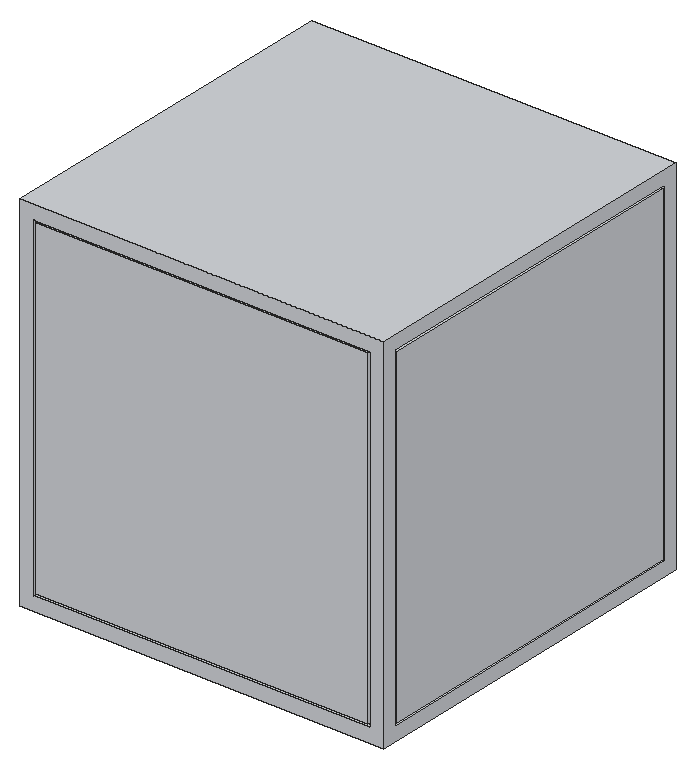
Revit family "BVN_BKKF", category Mechanical Equipment, Revit 2019
Family settings
  Round Connector Dimension = Use Diameter
  Part Type = Breaks Into
  OmniClass Number = 23.75.00.00
  OmniClass Title = Climate Control (HVAC)
  Work Plane-Based = No
  Always vertical = Yes
  Cut with Voids When Loaded = No
  Shared = No
  Room Calculation Point = No
Parameters (values of type "BKKF 560")
  Weight = 65.00 kg
  Voltage = 380 V
  URL = "http://www.bahcivanmotor.com.tr/index.php"
  Speed ( d/d ) = 1250
  Sound Pressure Level dB(A) = 55
  Protection Class = 44
  Power = 1400 W
  Model = "BKKF"
  Material = none
  Manufacturer = "Bahçıvan Elektrik Motor San. ve Tic. Ltd. Şti."
  Insulation Class = "F"
  Frequency = 50 Hz
  Dh' = Dh * 0.5  # 100 mm
  Dh = B / 4  # 200 mm
  Description = "Duct Fan"
  D'' = D * 0.5  # 191 mm
  D' = D * 0.75  # 286.5 mm
  D = 382 mm
  Capacitor (uF) = 0
  C = A - 60 mm  # 740 mm
  B = A  # 800 mm
  Air Flow = 9800.0 m³/h
  Current = 2.7 A
  A = 800 mm
Types (4, lengths in mm): name | Weight | Voltage | Speed ( d/d ) | Sound Pressure Level dB(A) | Power | Dh' | Dh | D'' | D' | D | Capacitor (uF) | C | B | Air Flow | Current | A
  BKKF 400 | 36.00 kg | 230 V | 1600 | 45 | 460 W | 83.75 | 167.5 | 191 | 286.5 | 382 | 10 | 610 | 670 | 4800.0 m³/h | 2 A | 670
  BKKF 450 | 40.00 kg | 230 V | 1550 | 48 | 745 W | 83.75 | 167.5 | 141.5 | 212.25 | 283 | 10 | 610 | 670 | 6000.0 m³/h | 3.5 A | 670
  BKKF 500 | 51.00 kg | 380 V | 1335 | 52 | 960 W | 83.75 | 167.5 | 172 | 258 | 344 | 0 | 610 | 670 | 7800.0 m³/h | 2 A | 670
  BKKF 560 | 65.00 kg | 380 V | 1250 | 55 | 1400 W | 100 | 200 | 191 | 286.5 | 382 | 0 | 740 | 800 | 9800.0 m³/h | 2.7 A | 800
Reference planes
  plane 1 "Center (Front/Back)": y = 0
  plane 2: z = 0
  plane 3 "Center (Left/Right)": x = 0
  plane 4: z = 400
  plane 5: z = 800
Forms (mm)
  Extrusion 1, solid
    sketch origin (0, 0, 0) x (1, 0, 0) y (0, 1, 0)
      loop
        line (-400, 400) -> (-400, -400) -> (400, -400) -> (400, 400) -> (-400, 400)
    from 0 to 800 <- "A"
  Extrusion 2, void
    sketch origin (-400, -400, 0) x (0, -1, 0) y (0, 0, -1)
      loop
        circle (-400, -400) r 191
    from 0 to 200 <- "Dh"
  Extrusion 3, void
    sketch origin (-400, -400, 0) x (0, -1, 0) y (0, 0, -1)
      loop
        line (-770, -770) -> (-30, -770) -> (-30, -30) -> (-770, -30) -> (-770, -770)
      loop
        line (-765, -765) -> (-35, -765) -> (-35, -35) -> (-765, -35) -> (-765, -765)
    from 0 to 10
  Extrusion 4, void
    sketch origin (400, -400, 0) x (1, 0, 0) y (0, 0, -1)
      loop
        line (-770, -770) -> (-30, -770) -> (-30, -30) -> (-770, -30) -> (-770, -770)
      loop
        line (-765, -765) -> (-35, -765) -> (-35, -35) -> (-765, -35) -> (-765, -765)
    from 0 to 10
  Extrusion 5, void
    sketch origin (400, 400, 0) x (0, 1, 0) y (0, 0, -1)
      loop
        line (-770, -770) -> (-30, -770) -> (-30, -30) -> (-770, -30) -> (-770, -770)
      loop
        line (-35, -35) -> (-765, -35) -> (-765, -765) -> (-35, -765) -> (-35, -35)
    from 0 to 10
  Extrusion 6, void
    sketch origin (-400, 400, 0) x (-1, 0, 0) y (0, 0, -1)
      loop
        line (-770, -770) -> (-30, -770) -> (-30, -30) -> (-770, -30) -> (-770, -770)
      loop
        line (-35, -35) -> (-765, -35) -> (-765, -765) -> (-35, -765) -> (-35, -35)
    from 0 to 10
  Blend 7, solid
    base sketch origin (-200, -400, 0) x (0, 1, 0) y (0, 0, -1)
      loop
        circle (400, -400) r 143.25
    top sketch origin (-200, -400, 0) x (0, 1, 0) y (0, 0, -1)
      loop
        circle (400, -400) r 95.5
    from 0 to 100 <- "Dh'"
Cuts and joins
  Extrusion 2, Extrusion 3, Extrusion 4, Extrusion 5, Extrusion 6 cuts Extrusion 1
Dimensions and locks
  equal spacing: Extrusion 1 sketch curve, plane 3 "Center (Left/Right)", Extrusion 1 sketch curve
  equal spacing: Extrusion 1 sketch curve, plane 1 "Center (Front/Back)", Extrusion 1 sketch curve
  "B": Extrusion 1 sketch curve to Extrusion 1 sketch curve
  "A": Extrusion 1 sketch curve to Extrusion 1 sketch curve
  equal spacing: Extrusion 1, Extrusion 2 sketch curve, Extrusion 1  (x2)
  equal spacing: Extrusion 3 sketch curve, plane 1 "Center (Front/Back)", Extrusion 3 sketch curve
  "C": Extrusion 3 sketch curve to Extrusion 3 sketch curve  (x2)
  locked: Extrusion 3 sketch curve to Extrusion 3 sketch curve at 5  (x4)
  locked: cut or joined group of Extrusion 1, Extrusion 2, Extrusion 3, Extrusion 4, Extrusion 5, Extrusion 6 to Extrusion 3 sketch curve at 30
  equal spacing: Extrusion 4 sketch curve, plane 3 "Center (Left/Right)", Extrusion 4 sketch curve
  "C": Extrusion 4 sketch curve to Extrusion 4 sketch curve  (x2)
  equal spacing: Extrusion 4 sketch curve, plane 4, Extrusion 4 sketch curve
  locked: Extrusion 4 sketch curve to Extrusion 4 sketch curve at 5  (x4)
  locked: Blend 7 sketch curve to plane 4  (x2)
  locked: plane 1 "Center (Front/Back)" to Blend 7 sketch curve  (x2)
  equal spacing: plane 5, plane 4, plane 2
  "A": plane 5 to plane 2
  "D": diameter of Extrusion 2 sketch curve
  "D'": diameter of Blend 7 sketch curve
  "D''": diameter of Blend 7 sketch curve
  aligned and locked: level to plane 2
  aligned and locked: Extrusion 5 sketch curve to cut or joined group of Extrusion 1, Extrusion 2, Extrusion 3, Extrusion 4, Extrusion 5, Extrusion 6  (x8)
  aligned and locked: Extrusion 6 sketch curve to cut or joined group of Extrusion 1, Extrusion 2, Extrusion 3, Extrusion 4, Extrusion 5, Extrusion 6  (x7)
  aligned and locked: plane 5 to cut or joined group of Extrusion 1, Extrusion 2, Extrusion 3, Extrusion 4, Extrusion 5, Extrusion 6
  aligned and locked: cut or joined group of Extrusion 1, Extrusion 2, Extrusion 3, Extrusion 4, Extrusion 5, Extrusion 6 to plane 2
Automatic sketch dimensions
  Extrusion 6 sketch curve to Extrusion 6 sketch curve = 5 mm
